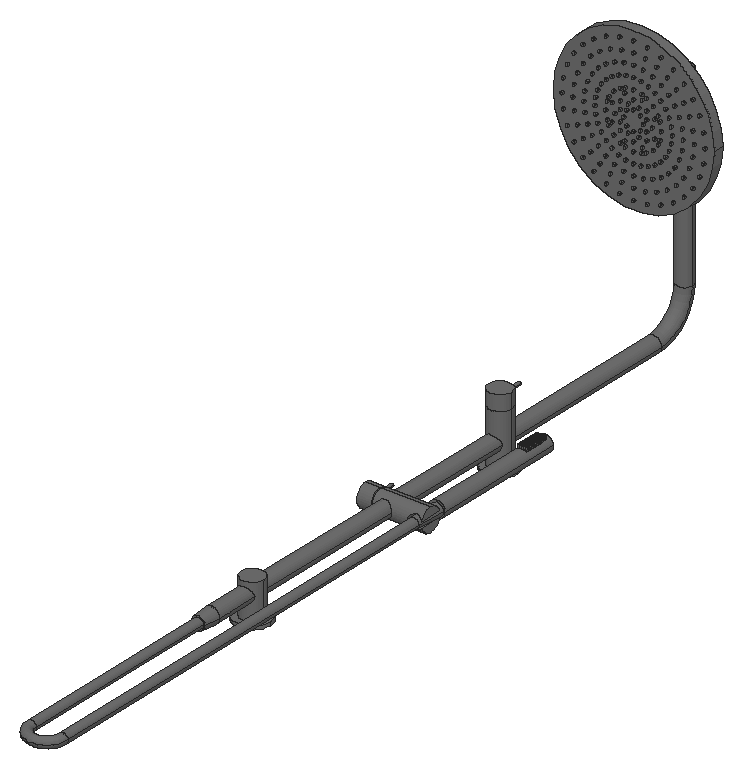
Revit family "4-ALMA-BSHSETCode-Mira Shower Rail Twin Set", category Plumbing Fixtures, host Face, Revit 2022
Family settings
  Host = Face
  Round Connector Dimension = Use Diameter
  Part Type = Normal
  Cut with Voids When Loaded = No
  Maintain Annotation Orientation = No
  Shared = No
  Room Calculation Point = No
Parameters (values of type "MATTE BLACK")
  URL = "https://www.buildmat.com.au/products/mira-matte-black-shower-rail-set"
  Model = "BSHSETMB"
  Material = _BM_MATTE BLACK
  Manufacturer = "BUILDMAT"
  Default Elevation = 1219.2 mm
  Cost = 569
Types (4, lengths in mm): name | URL | Model | Material | Cost
  BRUSHED BRASS GOLD | "https://www.buildmat.com.au/products/mira-brushed-brass-gold-shower-rail-set" | "BSHSETGD" | _BM_BRUSHED BRASS GOLD | 769
  BRUSHED GUNMETAL | "https://www.buildmat.com.au/products/mira-brushed-gunmetal-shower-rail-set" | "BSHSETGM" | _BM_BRUSHED GUNMETAL | 769
  BRUSHED NICKEL | "https://www.buildmat.com.au/products/mira-brushed-nickel-shower-rail-set" | "BSHSETBN" | _BM_BRUSHED NICKEL | 769
  MATTE BLACK | "https://www.buildmat.com.au/products/mira-matte-black-shower-rail-set" | "BSHSETMB" | _BM_MATTE BLACK | 569
Reference planes
  plane 1 "Center (Elevation)": y = 0
  plane 2 "Back": z = 0
  plane 3 "Centro (Izquierda/Derecha)": x = 0
  plane 4 "Top": y = 370
  plane 5 "Bottom": y = -560
  plane 6: y = -480
  plane 7 "Front": z = 400
  plane 8: z = 40
  plane 9: z = 368
  plane 10: z = 5
  plane 11: z = 60
  plane 12: y = -210
  plane 13: x = -40
  plane 14: x = 60
  plane 15: x = -17.5
  plane 16: x = -17
  plane 17: x = 50
  plane 18: y = -185
  plane 19: y = 25
  plane 20: y = -230
  plane 21: y = -585
  plane 22: x = -30
  plane 23: y = -172.5
  plane 24: z = 110
  plane 25: z = 87.5
  plane 26: z = 87
  plane 27: y = 37.5
  plane 28: z = 100
  plane 29: y = 315
  plane 30: y = 307.5
  plane 31: y = 300
  plane 32: y = 275
  plane 33: y = 260
Forms (mm)
  Sweep 1, solid, material "_BM_MATTE BLACK" <- "Material"
    path origin (0, 0, 0) x (0, 1, 0) y (0, 0, 1)
      loop
        line (357.5, 400) -> (357.5, 100)
        arc (357.5, 100) -> (339.926, 57.574) -> (297.5, 40) r 60
        line (297.5, 40) -> (-560, 40)
    profile origin (0, 357.5, 250) x (1, 0, 0) y (0, 1, 0)
      loop
        circle (0, 0) r 12.5
  Extrusion 2, solid, material "_BM_MATTE BLACK" <- "Material"
    sketch origin (0, 0, 0) x (1, 0, 0) y (0, 1, 0)
      loop
        circle (0, -480) r 27.5
    from 0 to 5
  Extrusion 3, solid, material "_BM_MATTE BLACK" <- "Material"
    sketch origin (0, 0, 0) x (1, 0, 0) y (0, 1, 0)
      loop
        circle (0, -480) r 17.5
    from 5 to 60
  Extrusion 4, solid, material "_BM_MATTE BLACK" <- "Material"
    sketch origin (0, 0, 0) x (0, 1, 0) y (0, 0, 1)
      loop
        circle (-210, 40) r 17.5
    from -17 to 60
  Extrusion 5, solid, material "_BM_MATTE BLACK" <- "Material"
    sketch origin (0, 0, 0) x (0, 1, 0) y (0, 0, 1)
      loop
        circle (-210, 40) r 17.5
    from -17.5 to -40
  Extrusion 6, solid, material "_BM_MATTE BLACK" <- "Material"
    sketch origin (0, 0, 0) x (0, 1, 0) y (0, 0, 1)
      loop
        circle (-210, 40) r 15
    from -17.5 to -17
  Extrusion 7, void
    sketch origin (0, 0, 0) x (1, 0, 0) y (0, 0, 1)
      loop
        circle (50, 40) r 11.25
    from 185 to 235
  Extrusion 8, solid, material "_BM_MATTE BLACK" <- "Material"
    sketch origin (0, 0, 0) x (1, 0, 0) y (0, 0, 1)
      loop
        circle (50, 40) r 12.5
    from -25 to 185
  Blend 9, solid, material "_BM_MATTE BLACK" <- "Material"
    base sketch origin (0, 0, 0) x (1, 0, 0) y (0, 0, 1)
      loop
        circle (50, 40) r 7.5
    top sketch origin (0, 0, 0) x (1, 0, 0) y (0, 0, 1)
      loop
        circle (50, 40) r 10
    from 230 to 185
  Blend 10, solid, material "_BM_MATTE BLACK" <- "Material"
    base sketch origin (0, 0, 0) x (1, 0, 0) y (0, 0, 1)
      loop
        circle (0, 40) r 10
    top sketch origin (0, 0, 0) x (1, 0, 0) y (0, 0, 1)
      loop
        circle (0, 40) r 12.5
    from 585 to 560
  Sweep 11, solid, material "_BM_MATTE BLACK" <- "Material"
    path origin (0, 721.02, 40) x (1, 0, 0) y (0, 1, 0)
      loop
        line (0, -1306.02) -> (0, -1631.02)
        arc (0, -1631.02) -> (25, -1656.02) -> (50, -1631.02) r 25
        line (50, -1631.02) -> (50, -951.02)
    profile origin (0, -747.5, 40) x (1, 0, 0) y (0, 0, 1)
      loop
        circle (0, 0) r 7.5
  Extrusion 12, solid, material "_BM_MATTE BLACK" <- "Material"
    sketch origin (0, 0, 0) x (1, 0, 0) y (0, 0, 1)
      loop
        circle (-30, 40) r 2.5
    from 172.5 to 210
  Extrusion 13, solid, material "_BM_MATTE BLACK" <- "Material"
    sketch origin (0, 721.02, 40) x (1, 0, 0) y (0, -1, 0)
      loop
        circle (50, 704.27) r 1.25
      loop
        circle (53, 704.27) r 1.25
      loop
        circle (56, 704.27) r 1.25
      loop
        circle (44, 704.27) r 1.25
      loop
        circle (47, 704.27) r 1.25
      loop
        circle (50, 707.52) r 1.25
      loop
        circle (53, 707.52) r 1.25
      loop
        circle (56, 707.52) r 1.25
      loop
        circle (44, 707.52) r 1.25
      loop
        circle (47, 707.52) r 1.25
      loop
        circle (50, 710.77) r 1.25
      loop
        circle (53, 710.77) r 1.25
      loop
        circle (56, 710.77) r 1.25
      loop
        circle (44, 710.77) r 1.25
      loop
        circle (47, 710.77) r 1.25
      loop
        circle (50, 714.02) r 1.25
      loop
        circle (53, 714.02) r 1.25
      loop
        circle (56, 714.02) r 1.25
      loop
        circle (44, 714.02) r 1.25
      loop
        circle (47, 714.02) r 1.25
      loop
        circle (50, 717.27) r 1.25
      loop
        circle (53, 717.27) r 1.25
      loop
        circle (56, 717.27) r 1.25
      loop
        circle (44, 717.27) r 1.25
      loop
        circle (47, 717.27) r 1.25
      loop
        circle (50, 720.52) r 1.25
      loop
        circle (53, 720.52) r 1.25
      loop
        circle (56, 720.52) r 1.25
      loop
        circle (44, 720.52) r 1.25
      loop
        circle (47, 720.52) r 1.25
      loop
        circle (50, 723.77) r 1.25
      loop
        circle (53, 723.77) r 1.25
      loop
        circle (56, 723.77) r 1.25
      loop
        circle (44, 723.77) r 1.25
      loop
        circle (47, 723.77) r 1.25
      loop
        circle (50, 727.02) r 1.25
      loop
        circle (53, 727.02) r 1.25
      loop
        circle (56, 727.02) r 1.25
      loop
        circle (44, 727.02) r 1.25
      loop
        circle (47, 727.02) r 1.25
      loop
        circle (50, 730.27) r 1.25
      loop
        circle (53, 730.27) r 1.25
      loop
        circle (56, 730.27) r 1.25
      loop
        circle (44, 730.27) r 1.25
      loop
        circle (47, 730.27) r 1.25
      loop
        circle (50, 733.52) r 1.25
      loop
        circle (53, 733.52) r 1.25
      loop
        circle (56, 733.52) r 1.25
      loop
        circle (44, 733.52) r 1.25
      loop
        circle (47, 733.52) r 1.25
      loop
        circle (50, 736.77) r 1.25
      loop
        circle (53, 736.77) r 1.25
      loop
        circle (56, 736.77) r 1.25
      loop
        circle (44, 736.77) r 1.25
      loop
        circle (47, 736.77) r 1.25
      loop
        circle (50, 740.02) r 1.25
      loop
        circle (53, 740.02) r 1.25
      loop
        circle (56, 740.02) r 1.25
      loop
        circle (44, 740.02) r 1.25
      loop
        circle (47, 740.02) r 1.25
    from 0 to -15
  Extrusion 14, solid, material "_BM_MATTE BLACK" <- "Material"
    sketch origin (0, 0, 0) x (1, 0, 0) y (0, 1, 0)
      loop
        circle (0, 0) r 27.5
    from 0 to 5
  Extrusion 15, solid, material "_BM_MATTE BLACK" <- "Material"
    sketch origin (0, 0, 0) x (1, 0, 0) y (0, 1, 0)
      loop
        circle (0, 0) r 17.5
    from 5 to 87
  Extrusion 16, solid, material "_BM_MATTE BLACK" <- "Material"
    sketch origin (0, 0, 0) x (1, 0, 0) y (0, 1, 0)
      loop
        circle (0, 0) r 15
    from 87 to 87.5
  Extrusion 17, solid, material "_BM_MATTE BLACK" <- "Material"
    sketch origin (0, 0, 0) x (1, 0, 0) y (0, 1, 0)
      loop
        circle (0, 0) r 17.5
    from 87.5 to 110
  Extrusion 18, solid, material "_BM_MATTE BLACK" <- "Material"
    sketch origin (0, 0, 0) x (1, 0, 0) y (0, 0, 1)
      loop
        circle (0, 100) r 2.5
    from 0 to -37.5
  Extrusion 19, solid, material "_BM_MATTE BLACK" <- "Material"
    sketch origin (0, 0, 0) x (1, 0, 0) y (0, 0, 1)
      loop
        circle (0, 368) r 11.25
    from -315 to -357.5
  Extrusion 20, solid, material "_BM_MATTE BLACK" <- "Material"
    sketch origin (0, 0, 0) x (1, 0, 0) y (0, 0, 1)
      loop
        circle (0, 368) r 12.5
    from -307.5 to -315
  Extrusion 21, solid, material "_BM_MATTE BLACK" <- "Material"
    sketch origin (0, 0, 0) x (1, 0, 0) y (0, 0, 1)
      loop
        circle (0, 368) r 11.25
    from -302.5 to -307.5
  Extrusion 22, solid, material "_BM_MATTE BLACK" <- "Material"
    sketch origin (0, 0, 0) x (1, 0, 0) y (0, 0, 1)
      loop
        circle (0, 368) r 10
    from -300 to -302.5
  Extrusion 23, solid, material "_BM_MATTE BLACK" <- "Material"
    sketch origin (0, 0, 0) x (1, 0, 0) y (0, 0, 1)
      loop
        circle (0, 368) r 25
    from -275 to -300
  Extrusion 24, solid, material "_BM_MATTE BLACK" <- "Material"
    sketch origin (0, 0, 0) x (1, 0, 0) y (0, 0, 1)
      loop
        circle (0, 368) r 125
    from -260 to -275
  Extrusion 25, solid, material "_BM_MATTE BLACK" <- "Material"
    sketch origin (0, 0, 0) x (1, 0, 0) y (0, 0, 1)
      loop
        circle (-15, 368) r 2
      loop
        circle (-10.607, 357.393) r 2
      loop
        circle (0, 353) r 2
      loop
        circle (15, 368) r 2
      loop
        circle (10.607, 357.393) r 2
      loop
        circle (-10.607, 378.607) r 2
      loop
        circle (0, 383) r 2
      loop
        circle (10.607, 378.607) r 2
      loop
        circle (-20.325, 359.581) r 2
      loop
        circle (-8.419, 347.675) r 2
      loop
        circle (8.419, 347.675) r 2
      loop
        circle (20.325, 359.581) r 2
      loop
        circle (-20.325, 376.419) r 2
      loop
        circle (-8.419, 388.325) r 2
      loop
        circle (8.419, 388.325) r 2
      loop
        circle (20.325, 376.419) r 2
      loop
        circle (-29, 368) r 2
      loop
        circle (-20.506, 347.494) r 2
      loop
        circle (0, 339) r 2
      loop
        circle (29, 368) r 2
      loop
        circle (20.506, 347.494) r 2
      loop
        circle (-20.506, 388.506) r 2
      loop
        circle (0, 397) r 2
      loop
        circle (20.506, 388.506) r 2
      loop
        circle (-33.26, 354.223) r 2
      loop
        circle (-13.777, 334.74) r 2
      loop
        circle (33.26, 354.223) r 2
      loop
        circle (13.777, 334.74) r 2
      loop
        circle (-33.26, 381.777) r 2
      loop
        circle (-13.777, 401.26) r 2
      loop
        circle (33.26, 381.777) r 2
      loop
        circle (13.777, 401.26) r 2
      loop
        circle (-43, 368) r 2
      loop
        circle (-30.406, 337.594) r 2
      loop
        circle (0, 325) r 2
      loop
        circle (43, 368) r 2
      loop
        circle (30.406, 337.594) r 2
      loop
        circle (-30.406, 398.406) r 2
      loop
        circle (0, 411) r 2
      loop
        circle (30.406, 398.406) r 2
      loop
        circle (-38.141, 348.145) r 2
      loop
        circle (-41.01, 355.07) r 2
      loop
        circle (-12.93, 326.99) r 2
      loop
        circle (-19.855, 329.859) r 2
      loop
        circle (38.141, 348.145) r 2
      loop
        circle (41.01, 355.07) r 2
      loop
        circle (12.93, 326.99) r 2
      loop
        circle (19.855, 329.859) r 2
      loop
        circle (-38.141, 387.855) r 2
      loop
        circle (-41.01, 380.93) r 2
      loop
        circle (-12.93, 409.01) r 2
      loop
        circle (-19.855, 406.141) r 2
      loop
        circle (38.141, 387.855) r 2
      loop
        circle (41.01, 380.93) r 2
      loop
        circle (12.93, 409.01) r 2
      loop
        circle (19.855, 406.141) r 2
      loop
        circle (-60, 368) r 2
      loop
        circle (-77, 368) r 2
      loop
        circle (-94, 368) r 2
      loop
        circle (-111, 368) r 2
      loop
        circle (-58.847, 356.295) r 2
      loop
        circle (-75.52, 352.978) r 2
      loop
        circle (-92.194, 349.662) r 2
      loop
        circle (-108.867, 346.345) r 2
      loop
        circle (-55.433, 345.039) r 2
      loop
        circle (-71.139, 338.533) r 2
      loop
        circle (-86.845, 332.028) r 2
      loop
        circle (-102.551, 325.522) r 2
      loop
        circle (-49.888, 334.666) r 2
      loop
        circle (-64.023, 325.221) r 2
      loop
        circle (-78.158, 315.776) r 2
      loop
        circle (-92.293, 306.332) r 2
      loop
        circle (-42.426, 325.574) r 2
      loop
        circle (-54.447, 313.553) r 2
      loop
        circle (-66.468, 301.532) r 2
      loop
        circle (-78.489, 289.511) r 2
      loop
        circle (-33.334, 318.112) r 2
      loop
        circle (-42.779, 303.977) r 2
      loop
        circle (-52.224, 289.842) r 2
      loop
        circle (-61.668, 275.707) r 2
      loop
        circle (-22.961, 312.567) r 2
      loop
        circle (-29.467, 296.861) r 2
      loop
        circle (-35.972, 281.155) r 2
      loop
        circle (-42.478, 265.449) r 2
      loop
        circle (-11.705, 309.153) r 2
      loop
        circle (-15.022, 292.48) r 2
      loop
        circle (-18.338, 275.806) r 2
      loop
        circle (-21.655, 259.133) r 2
      loop
        circle (0, 308) r 2
      loop
        circle (0, 291) r 2
      loop
        circle (0, 274) r 2
      loop
        circle (0, 257) r 2
      loop
        circle (60, 368) r 2
      loop
        circle (77, 368) r 2
      loop
        circle (94, 368) r 2
      loop
        circle (111, 368) r 2
      loop
        circle (58.847, 356.295) r 2
      loop
        circle (75.52, 352.978) r 2
      loop
        circle (92.194, 349.662) r 2
      loop
        circle (108.867, 346.345) r 2
      loop
        circle (55.433, 345.039) r 2
      loop
        circle (71.139, 338.533) r 2
      loop
        circle (86.845, 332.028) r 2
      loop
        circle (102.551, 325.522) r 2
      loop
        circle (49.888, 334.666) r 2
      loop
        circle (64.023, 325.221) r 2
      loop
        circle (78.158, 315.776) r 2
      loop
        circle (92.293, 306.332) r 2
      loop
        circle (42.426, 325.574) r 2
      loop
        circle (54.447, 313.553) r 2
      loop
        circle (66.468, 301.532) r 2
      loop
        circle (78.489, 289.511) r 2
      loop
        circle (33.334, 318.112) r 2
      loop
        circle (42.779, 303.977) r 2
      loop
        circle (52.224, 289.842) r 2
      loop
        circle (61.668, 275.707) r 2
      loop
        circle (22.961, 312.567) r 2
      loop
        circle (29.467, 296.861) r 2
      loop
        circle (35.972, 281.155) r 2
      loop
        circle (42.478, 265.449) r 2
      loop
        circle (11.705, 309.153) r 2
      loop
        circle (15.022, 292.48) r 2
      loop
        circle (18.338, 275.806) r 2
      loop
        circle (21.655, 259.133) r 2
      loop
        circle (-58.847, 379.705) r 2
      loop
        circle (-75.52, 383.022) r 2
      loop
        circle (-92.194, 386.338) r 2
      loop
        circle (-108.867, 389.655) r 2
      loop
        circle (-55.433, 390.961) r 2
      loop
        circle (-71.139, 397.467) r 2
      loop
        circle (-86.845, 403.972) r 2
      loop
        circle (-102.551, 410.478) r 2
      loop
        circle (-49.888, 401.334) r 2
      loop
        circle (-64.023, 410.779) r 2
      loop
        circle (-78.158, 420.224) r 2
      loop
        circle (-92.293, 429.668) r 2
      loop
        circle (-42.426, 410.426) r 2
      loop
        circle (-54.447, 422.447) r 2
      loop
        circle (-66.468, 434.468) r 2
      loop
        circle (-78.489, 446.489) r 2
      loop
        circle (-33.334, 417.888) r 2
      loop
        circle (-42.779, 432.023) r 2
      loop
        circle (-52.224, 446.158) r 2
      loop
        circle (-61.668, 460.293) r 2
      loop
        circle (-22.961, 423.433) r 2
      loop
        circle (-29.467, 439.139) r 2
      loop
        circle (-35.972, 454.845) r 2
      loop
        circle (-42.478, 470.551) r 2
      loop
        circle (-11.705, 426.847) r 2
      loop
        circle (-15.022, 443.52) r 2
      loop
        circle (-18.338, 460.194) r 2
      loop
        circle (-21.655, 476.867) r 2
      loop
        circle (0, 428) r 2
      loop
        circle (0, 445) r 2
      loop
        circle (0, 462) r 2
      loop
        circle (0, 479) r 2
      loop
        circle (58.847, 379.705) r 2
      loop
        circle (75.52, 383.022) r 2
      loop
        circle (92.194, 386.338) r 2
      loop
        circle (108.867, 389.655) r 2
      loop
        circle (55.433, 390.961) r 2
      loop
        circle (86.845, 403.972) r 2
      loop
        circle (102.551, 410.478) r 2
      loop
        circle (49.888, 401.334) r 2
      loop
        circle (64.023, 410.779) r 2
      loop
        circle (78.158, 420.224) r 2
      loop
        circle (92.293, 429.668) r 2
      loop
        circle (42.426, 410.426) r 2
      loop
        circle (54.447, 422.447) r 2
      loop
        circle (66.468, 434.468) r 2
      loop
        circle (78.489, 446.489) r 2
      loop
        circle (33.334, 417.888) r 2
      loop
        circle (42.779, 432.023) r 2
      loop
        circle (52.224, 446.158) r 2
      loop
        circle (61.668, 460.293) r 2
      loop
        circle (22.961, 423.433) r 2
      loop
        circle (29.467, 439.139) r 2
      loop
        circle (35.972, 454.845) r 2
      loop
        circle (42.478, 470.551) r 2
      loop
        circle (11.705, 426.847) r 2
      loop
        circle (15.022, 443.52) r 2
      loop
        circle (18.338, 460.194) r 2
      loop
        circle (21.655, 476.867) r 2
      loop
        circle (71.139, 397.467) r 2
    from -258 to -260
Cuts and joins
  Extrusion 7 cuts Sweep 1
  Extrusion 7 cuts Extrusion 2
  Extrusion 7 cuts Extrusion 3
  Extrusion 7 cuts Extrusion 4
  Extrusion 7 cuts Extrusion 5
  Extrusion 7 cuts Extrusion 6
  joined: Sweep 1, Extrusion 2, Extrusion 3, Extrusion 4, Extrusion 5, Extrusion 6, Extrusion 8, Blend 9, Blend 10, Sweep 11, Extrusion 12, Extrusion 13, Extrusion 14, Extrusion 15, Extrusion 16, Extrusion 17, Extrusion 18, Extrusion 19, Extrusion 20, Extrusion 21, Extrusion 22, Extrusion 23, Extrusion 24, Extrusion 25
Dimensions and locks
  plane 4 "Top" to plane 1 "Center (Elevation)" = 370 mm
  plane 4 "Top" to plane 5 "Bottom" = 930 mm
  plane 6 to plane 1 "Center (Elevation)" = 480 mm
  plane 7 "Front" to plane 2 "Back" = 400 mm
  plane 9 to plane 8 to plane 2 "Back" = 328 mm, 40 mm
  locked: Sweep 1 sketch curve to plane 4 "Top" at 12.5
  plane 2 "Back" to plane 10 to plane 11 = 5 mm, 55 mm
  plane 12 to plane 1 "Center (Elevation)" = 210 mm
  plane 13 to plane 3 "Centro (Izquierda/Derecha)" to plane 14 = 40 mm, 60 mm
  plane 13 to plane 15 to plane 16 = 22.5 mm, 0.5 mm
  plane 3 "Centro (Izquierda/Derecha)" to plane 17 = 50 mm
  plane 19 to plane 18 to plane 12 to plane 20 = 210 mm, 25 mm, 20 mm
  plane 5 "Bottom" to plane 21 = 25 mm
  plane 13 to plane 22 = 10 mm
  plane 24 to plane 2 "Back" = 110 mm
  plane 26 to plane 25 to plane 24 = 0.5 mm, 22.5 mm
  plane 1 "Center (Elevation)" to plane 27 = 37.5 mm
  plane 28 to plane 24 = 10 mm
  plane 33 to plane 32 to plane 31 to plane 30 to plane 29 to plane 4 "Top" = 15 mm, 25 mm, 7.5 mm, 7.5 mm, 55 mm
  aligned and locked: plane 2 "Back" to host face
  aligned and locked: level to host face
  aligned and locked: Extrusion 2 to plane 2 "Back"
  aligned and locked: Extrusion 2 to plane 10
  aligned and locked: plane 10 to Extrusion 3
  aligned and locked: Extrusion 3 to plane 11
  aligned and locked: plane 14 to Extrusion 4
  aligned and locked: Extrusion 4 to plane 16
  aligned and locked: Extrusion 5 to plane 13
  aligned and locked: plane 15 to Extrusion 5
  aligned and locked: Extrusion 6 to plane 15
  aligned and locked: plane 16 to Extrusion 6
  aligned and locked: plane 19 to Extrusion 8
  aligned and locked: Extrusion 8 to plane 18
  aligned and locked: plane 18 to Blend 9
  aligned and locked: Blend 9 to plane 20
  aligned and locked: Blend 10 to plane 5 "Bottom"
  aligned and locked: Blend 10 to plane 21
  aligned and locked: plane 23 to Extrusion 12
  aligned and locked: Extrusion 12 to plane 12
  aligned and locked: Extrusion 14 to plane 2 "Back"
  aligned and locked: Extrusion 14 to plane 10
  aligned and locked: plane 10 to Extrusion 15
  aligned and locked: Extrusion 15 to plane 26
  aligned and locked: plane 26 to Extrusion 16
  aligned and locked: Extrusion 16 to plane 25
  aligned and locked: plane 25 to Extrusion 17
  aligned and locked: Extrusion 17 to plane 24
  aligned and locked: plane 27 to Extrusion 18
  aligned and locked: plane 1 "Center (Elevation)" to Extrusion 18
  aligned and locked: plane 29 to Extrusion 20
  aligned and locked: Extrusion 20 to plane 30
  aligned and locked: plane 30 to Extrusion 21
  aligned and locked: Extrusion 22 to plane 31
  aligned and locked: plane 31 to Extrusion 23
  aligned and locked: Extrusion 23 to plane 32
  aligned and locked: Extrusion 24 to plane 32
  aligned and locked: Extrusion 24 to plane 33
  aligned and locked: Extrusion 25 to plane 33
